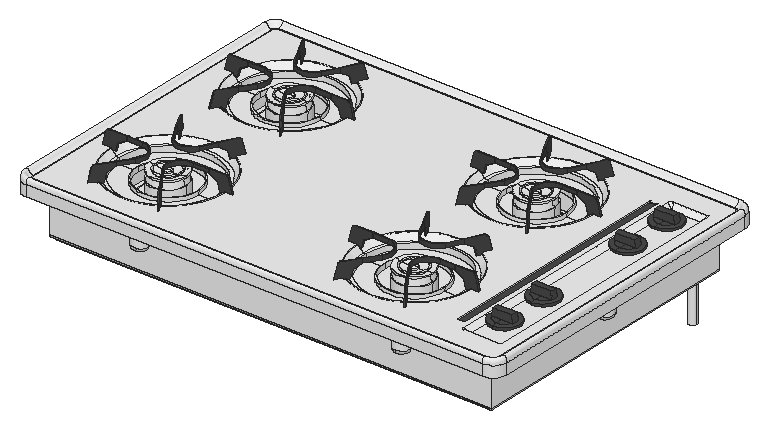
Revit family "QF_Summit_ZNL053_Cooktop", category Specialty Equipment, Revit 2020 (continued)
Definition of nested family "Summit_Burner"
  Automatic sketch dimensions
    curve 14 to curve 8 = 0.00099"
    curve 8 to curve 9 = 0.00049"
    plane 8 "Center X" to curve 15 = 0.00104"
    curve 8 to curve 15 = 0.0009"
    curve 22 to plane 7 "Center Y" = 0.00467"
    curve 9 to curve 10 = 0.003"
    plane 8 "Center X" to curve 6 = 1/32"
    curve 5 to plane 8 "Center X" = 1/32"
    curve 6 to curve 5 = 0.00426"
    curve 7 to plane 3 "LEFT" = 0.24994"
    curve 10 to curve 15 = 0.00493"
    curve 9 to curve 15 = 0.00185"
    curve 9 to curve 8 = 0.00046"
    plane 8 "Center X" to curve 18 = 0.00072"
    curve 18 to curve 19 = 0.00005"
    curve 31 to curve 11 = 0.00029"
    curve 31 to curve 32 = 0.0001"
    plane 8 "Center X" to curve 26 = 0.00012"
    curve 36 to plane 8 "Center X" = 0"
    curve 37 to plane 8 "Center X" = 0"
    curve 28 to plane 8 "Center X" = 0.00005"
    curve 28 to curve 30 = 0"
    curve 28 to curve 29 = 0"
    curve 37 to curve 23 = 0.00008"
    curve 23 to curve 21 = 0.00002"
    curve 21 to curve 20 = 0.00003"
    curve 30 to curve 16 = 0.00015"
    curve 32 to curve 20 = 0.08532"
    curve 21 to curve 32 = 0.00683"
    curve 31 to curve 21 = 0.0725"
    curve 12 to curve 11 = 0.00194"
    curve 34 to curve 12 = 0.06053"
    curve 33 to curve 12 = 0.06852"
    curve 10 to curve 11 = 0.27562"
    curve 30 to curve 23 = 0.05436"
    curve 35 to curve 10 = 0.05987"
    curve 32 to curve 33 = 0.01816"
    curve 34 to curve 32 = 0.06703"
    curve 31 to curve 34 = 0.0111"
    curve 29 to curve 25 = 0.0546"
    curve 26 to curve 25 = 0.14085"
    curve 36 to curve 9 = 0.05612"
    curve 28 to curve 26 = 0.05462"
    curve 8 to curve 36 = 0.11219"
    curve 37 to curve 8 = 0.0556"
    curve 30 to curve 35 = 0.00104"
    curve 29 to curve 36 = 0.00067"
    curve 28 to curve 37 = 0.00063"
    curve 18 to curve 21 = 0.00535"
    curve 21 to curve 19 = 0.07323"
    curve 11 to curve 12 = 0.0019"
    curve 12 to curve 14 = 0.06051"
    curve 12 to curve 13 = 0.06855"
    curve 11 to curve 10 = 0.3055"
    curve 23 to curve 22 = 0.06833"
    curve 10 to curve 15 = 0.04534"
    curve 13 to curve 18 = 0.01507"
    curve 18 to curve 14 = 0.07001"
    curve 19 to plane 8 "Center X" = 0.08242"
    curve 25 to curve 24 = 0.05466"
    curve 9 to curve 16 = 0.0538"
    curve 26 to curve 27 = 7/128"
    curve 9 to curve 8 = 0.16803"
    curve 8 to curve 17 = 0.04772"
    curve 15 to curve 22 = 0.00203"
    curve 16 to curve 24 = 0.0001"
    curve 17 to curve 27 = 0.00107"
    curve 30 to curve 35 = 0.06245"
    curve 29 to curve 36 = 0.06245"
    curve 28 to curve 37 = 0.06245"
    curve 18 to curve 14 = 0.0297"
    curve 32 to curve 34 = 0.03106"
    curve 12 to curve 34 = 0.04337"
    curve 14 to curve 11 = 0.04324"
    curve 15 to curve 10 = 0.02225"
    curve 16 to curve 9 = 0.03201"
    curve 17 to curve 8 = 0.02894"
    Revolve 1 sketch curve to plane 7 "Center Y" = 0"  (x2)
    Revolve 1 sketch curve to Revolve 1 sketch curve = 0.23333"
    Revolve 1 sketch curve to plane 7 "Center Y" = 0.24695"
    Revolve 1 sketch curve to Revolve 1 sketch curve = 0.51345"
    Revolve 1 sketch curve to Revolve 1 sketch curve = 0.02917"
    Revolve 1 sketch curve to Revolve 1 sketch curve = 0.18246"
    Revolve 1 sketch curve to Revolve 1 sketch curve = 0.07859"
    Revolve 1 sketch curve to Revolve 1 sketch curve = 0.0713"
    Revolve 1 sketch curve to plane 6 "TOP" = 0.50892"
    Revolve 1 sketch curve to Revolve 1 sketch curve = 0.14989"
    Revolve 1 sketch curve to Revolve 1 sketch curve = 0.7"
    Revolve 1 sketch curve to Revolve 1 sketch curve = 0.05833"  (x2)
    plane 3 "LEFT" to Revolve 1 sketch curve = 0.74587"
    Revolve 1 sketch curve to Revolve 1 sketch curve = 0.1959"
    plane 3 "LEFT" to Revolve 1 sketch curve = 1/4"
    Revolve 1 sketch curve to plane 6 "TOP" = 0.53304"
    Revolve 1 sketch curve to Revolve 1 sketch curve = 0.02643"
    Revolve 1 sketch curve to plane 6 "TOP" = 0.8456"
    Revolve 1 sketch curve to Revolve 1 sketch curve = 0"  (x2)
    Revolve 1 sketch curve to Revolve 1 sketch curve = 0.20616"
    Revolve 1 sketch curve to Revolve 1 sketch curve = 1.38136"
    Revolve 1 sketch curve to Revolve 1 sketch curve = 0.0449"
    Revolve 1 sketch curve to Revolve 1 sketch curve = 0.35749"
    Revolve 1 sketch curve to Revolve 1 sketch curve = 0.07043"
    Revolve 1 sketch curve to Revolve 1 sketch curve = 0.03555"
    Revolve 1 sketch curve to Revolve 1 sketch curve = 0.07819"
    Revolve 1 sketch curve to Revolve 1 sketch curve = 0.04006"
    Revolve 1 sketch curve to Revolve 1 sketch curve = 0.01412"
    Revolve 1 sketch curve to Revolve 1 sketch curve = 0.0834"
    Extrusion 2 sketch curve to Extrusion 2 sketch curve = 0"  (x6)
    Extrusion 2 sketch curve to plane 7 "Center Y" = 0"
    plane 7 "Center Y" to Extrusion 2 sketch curve = 0.78533"
    plane 7 "Center Y" to Extrusion 2 sketch curve = 0.79697"
    Extrusion 2 sketch curve to Extrusion 2 sketch curve = 0.05518"  (x4)
    Extrusion 2 sketch curve to Extrusion 2 sketch curve = 0.05181"  (x4)
    Extrusion 2 sketch curve to Extrusion 2 sketch curve = 0.44677"  (x2)
    Extrusion 2 sketch curve to Extrusion 2 sketch curve = 0.54664"  (x2)
    Extrusion 2 sketch curve to plane 8 "Center X" = 1/32"
    Extrusion 2 sketch curve to Extrusion 2 sketch curve = 0.73738"  (x2)
    Extrusion 2 sketch curve to Extrusion 2 sketch curve = 0.95164"  (x2)
    Extrusion 2 sketch curve to plane 7 "Center Y" = 0.78533"
    Extrusion 2 sketch curve to plane 7 "Center Y" = 0.79697"
    plane 8 "Center X" to Extrusion 2 sketch curve = 1/32"
    plane 8 "Center X" to Extrusion 2 sketch curve = 1.39462"
    Extrusion 2 sketch curve to Extrusion 2 sketch curve = 0.02934"
    Extrusion 2 sketch curve to Extrusion 2 sketch curve = 0.41757"
    Extrusion 2 sketch curve to Extrusion 2 sketch curve = 1/16"  (x2)
    Extrusion 2 sketch curve to Extrusion 2 sketch curve = 0.88944"  (x2)
    plane 6 "TOP" to Extrusion 3 sketch curve = 1/4"
    plane 3 "LEFT" to Extrusion 3 sketch curve = 1.21219"
    Extrusion 3 sketch curve to plane 6 "TOP" = 0.05877"
    Extrusion 3 sketch curve to Extrusion 3 sketch curve = 0.53481"
    Extrusion 3 sketch curve to Extrusion 3 sketch curve = 0.12323"
    Extrusion 3 sketch curve to Extrusion 3 sketch curve = 1/4"
    Extrusion 3 sketch curve to Extrusion 3 sketch curve = 0.09613"
    plane 3 "LEFT" to Extrusion 3 sketch curve = 0.16348"
    Extrusion 3 sketch curve to plane 3 "LEFT" = 0.05937"
    Extrusion 3 sketch curve to plane 3 "LEFT" = 0.24994"
    Extrusion 3 sketch curve to plane 6 "TOP" = 0.43845"
    Extrusion 3 sketch curve to Extrusion 3 sketch curve = 0.11457"
    plane 6 "TOP" to Extrusion 3 sketch curve = 0.27032"
    Extrusion 3 sketch curve to Extrusion 3 sketch curve = 0.05556"
    plane 6 "TOP" to Extrusion 4 sketch curve = 1/4"
    Extrusion 4 sketch curve to plane 6 "TOP" = 0.05877"
    Extrusion 4 sketch curve to Extrusion 4 sketch curve = 0.53481"
    Extrusion 4 sketch curve to Extrusion 4 sketch curve = 0.12323"
    Extrusion 4 sketch curve to plane 6 "TOP" = 0.55301"
    Extrusion 4 sketch curve to Extrusion 4 sketch curve = 1/4"
    Extrusion 4 sketch curve to plane 6 "TOP" = 0.43845"
    Extrusion 4 sketch curve to Extrusion 4 sketch curve = 0.09613"
    plane 6 "TOP" to Extrusion 4 sketch curve = 0.27032"
    Extrusion 4 sketch curve to Extrusion 4 sketch curve = 0.5139"
    plane 6 "TOP" to Extrusion 4 sketch curve = 0.32589"
    Extrusion 4 sketch curve to Extrusion 4 sketch curve = 0.22285"
    Extrusion 4 sketch curve to Extrusion 4 sketch curve = 0.45796"
    plane 6 "TOP" to Extrusion 5 sketch curve = 1/4"
    plane 4 "RIGHT" to Extrusion 5 sketch curve = 1.21219"
    Extrusion 5 sketch curve to plane 6 "TOP" = 0.05877"
    Extrusion 5 sketch curve to Extrusion 5 sketch curve = 0.53481"
    Extrusion 5 sketch curve to Extrusion 5 sketch curve = 0.12323"
    Extrusion 5 sketch curve to Extrusion 5 sketch curve = 1/4"
    Extrusion 5 sketch curve to Extrusion 5 sketch curve = 0.09613"
    plane 4 "RIGHT" to Extrusion 5 sketch curve = 0.16348"
    Extrusion 5 sketch curve to plane 4 "RIGHT" = 0.05937"
    Extrusion 5 sketch curve to plane 4 "RIGHT" = 0.24994"
    plane 6 "TOP" to Extrusion 5 sketch curve = 0.27032"
    Extrusion 5 sketch curve to Extrusion 5 sketch curve = 0.05556"
    Extrusion 5 sketch curve to plane 6 "TOP" = 0.43845"
    Extrusion 5 sketch curve to Extrusion 5 sketch curve = 0.11457"
    plane 6 "TOP" to Extrusion 6 sketch curve = 1/4"
    Extrusion 6 sketch curve to plane 6 "TOP" = 0.05877"
    Extrusion 6 sketch curve to Extrusion 6 sketch curve = 0.53481"
    Extrusion 6 sketch curve to Extrusion 6 sketch curve = 0.12323"
    Extrusion 6 sketch curve to plane 6 "TOP" = 0.55301"
    Extrusion 6 sketch curve to Extrusion 6 sketch curve = 1/4"
    Extrusion 6 sketch curve to plane 6 "TOP" = 0.43845"
    Extrusion 6 sketch curve to Extrusion 6 sketch curve = 0.09613"
    plane 6 "TOP" to Extrusion 6 sketch curve = 0.27032"
    Extrusion 6 sketch curve to Extrusion 6 sketch curve = 0.5139"
    plane 6 "TOP" to Extrusion 6 sketch curve = 0.32589"
    Extrusion 6 sketch curve to Extrusion 6 sketch curve = 0.22285"
    Extrusion 6 sketch curve to Extrusion 6 sketch curve = 0.45796"
    plane 6 "TOP" to Extrusion 7 sketch curve = 1/4"
    Extrusion 7 sketch curve to plane 6 "TOP" = 0.05877"
    Extrusion 7 sketch curve to Extrusion 7 sketch curve = 0.53481"
    Extrusion 7 sketch curve to Extrusion 7 sketch curve = 0.12323"
    Extrusion 7 sketch curve to plane 6 "TOP" = 0.55301"
    Extrusion 7 sketch curve to Extrusion 7 sketch curve = 1/4"
    Extrusion 7 sketch curve to plane 6 "TOP" = 0.43845"
    Extrusion 7 sketch curve to Extrusion 7 sketch curve = 0.09613"
    plane 6 "TOP" to Extrusion 7 sketch curve = 0.27032"
    Extrusion 7 sketch curve to Extrusion 7 sketch curve = 0.5139"
    plane 6 "TOP" to Extrusion 7 sketch curve = 0.32589"
    Extrusion 7 sketch curve to Extrusion 7 sketch curve = 0.22285"
    Extrusion 7 sketch curve to Extrusion 7 sketch curve = 0.45796"
    plane 6 "TOP" to Extrusion 8 sketch curve = 1/4"
    Extrusion 8 sketch curve to plane 6 "TOP" = 0.05877"
    Extrusion 8 sketch curve to Extrusion 8 sketch curve = 0.53481"
    Extrusion 8 sketch curve to Extrusion 8 sketch curve = 0.12323"
    Extrusion 8 sketch curve to plane 6 "TOP" = 0.55301"
    Extrusion 8 sketch curve to Extrusion 8 sketch curve = 1/4"
    Extrusion 8 sketch curve to plane 6 "TOP" = 0.43845"
    Extrusion 8 sketch curve to Extrusion 8 sketch curve = 0.09613"
    plane 6 "TOP" to Extrusion 8 sketch curve = 0.27032"
    Extrusion 8 sketch curve to Extrusion 8 sketch curve = 0.5139"
    plane 6 "TOP" to Extrusion 8 sketch curve = 0.32589"
    Extrusion 8 sketch curve to Extrusion 8 sketch curve = 0.22285"
    Extrusion 8 sketch curve to Extrusion 8 sketch curve = 0.45796"
    curve 38 to curve 10 = 0.09124"
    curve 39 to curve 38 = 0.05181"
    curve 40 to curve 41 = 0.03495"
    curve 42 to plane 5 "FRONT" = 0.2744"
    curve 10 to curve 43 = 0.11316"
    curve 43 to curve 44 = 0"
    curve 44 to curve 43 = 0.05181"
    curve 45 to curve 9 = 0.5693"
    curve 45 to curve 46 = 0.03495"
    plane 8 "Center X" to curve 49 = 1/32"
    curve 49 to plane 4 "RIGHT" = 0.24994"
    curve 50 to plane 5 "FRONT" = 0.2744"
    curve 45 to curve 50 = 0.05181"
    curve 49 to plane 8 "Center X" = 1/32"
    curve 25 to curve 26 = 0.14084"
    curve 26 to curve 27 = 0.03027"
    curve 23 to curve 30 = 0.03089"
    curve 21 to curve 31 = 0.03066"
    curve 20 to curve 18 = 0.08679"
    curve 21 to curve 32 = 0.07353"
    curve 20 to curve 32 = 0.03085"
    curve 30 to curve 51 = 0.12572"
    curve 51 to curve 23 = 0.07139"
    curve 51 to curve 52 = 0.05518"
    curve 52 to curve 51 = 0.05518"
    curve 56 to curve 55 = 0.05518"
    plane 1 "BACK" to curve 57 = 0.1948"
    plane 1 "BACK" to curve 54 = 0.1948"
    radius of curve 2 = 0.80512"
    radius of curve 3 = 0.74678"
    radius of curve 4 = 0.23333"
